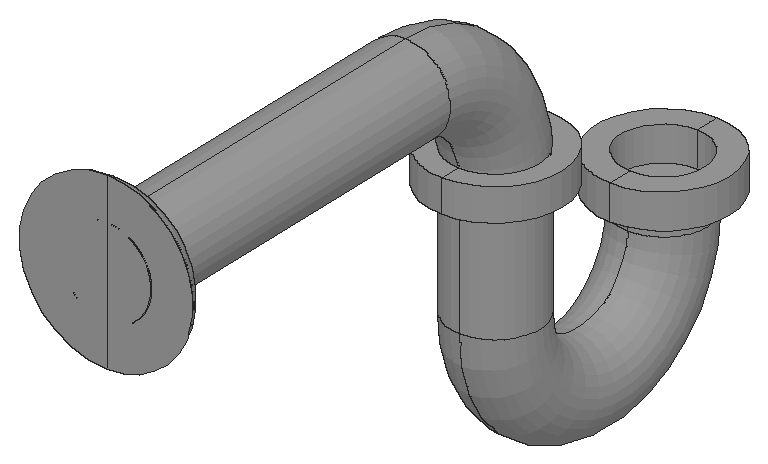
Revit family "935080001_Sifon en P", category Plumbing Fixtures, host Wall, Revit 2020
Family settings
  Host = Wall
  Round Connector Dimension = Use Diameter
  Part Type = Normal
  OmniClass Number = 23.27.43.00
  OmniClass Title = Pipe Fittings
  Always vertical = Yes
  Cut with Voids When Loaded = No
  Shared = No
  Room Calculation Point = No
Parameters (values of type "Type 1")
  Ventajas = "Elaborado en resina de alta ingeniería. Fácil instalación, limpieza y mantenimiento. Cuerpo plástico Elaborado en resina de alta ingeniería,\r\nsoporta altas presiones y temperatura elevadas."  # constant formula
  Uso = "Residencial"  # constant formula
  URL = "https://corona.co/productos/plomeria/sifon-metalico-clasico/p/719515551"
  Type Comments = ""
  Resistencia = "Resistente a la corrosión\r\npelado y decoloración por agua."  # constant formula
  Referencia = "935080001"  # constant formula
  Profundidad = 270 mm
  Material = Corona_Plastico_Gris
  Garantía = "30 años"  # constant formula
  Fecha de creación = "7/04/2020"  # constant formula
  Fabricante = "Grival"  # constant formula
  Description = "Para uso en lavamanos o lavaplatos. Trampa que retiene olores y residuos."  # constant formula
  Default Elevation = 0 mm
  Creado por = "BIMBAU"  # constant formula
  Ancho = 62.492 mm
  Alto = 170.289 mm
Reference planes
  plane 1: y = 0
  plane 2 "Center (Left/Right)": x = 125
  plane 3 "Back": y = 25
  plane 4: y = 295
  plane 5: x = 93.754
  plane 6: x = 156.246
  plane 7: z = 450
  plane 8: z = 479.75
  plane 9: z = 309.461
Forms (mm)
  Sweep 1, solid, material "Corona_Plastico_Gris" <- "Material", detail levels medium+fine
    path origin (125, 0, 0) x (0, 1, 0) y (0, 0, 1)
      loop
        line (25, 450) -> (158.438, 450)
        arc (158.438, 450) -> (186.722, 438.284) -> (198.438, 410) r 40
        line (198.438, 410) -> (198.438, 361.076)
        arc (198.438, 361.076) -> (235.938, 323.576) -> (273.438, 361.076) r 37.5
        line (273.438, 361.076) -> (273.438, 367.395)
    profile origin (125, 91.719, 450) x (0, 0, 1) y (1, 0, 0)
      loop
        circle (0, 0) r 16
  Revolve 2, solid, material "Corona_Plastico_Gris" <- "Material", detail levels medium+fine
    sketch origin (125, 0, 0) x (0, 1, 0) y (0, 0, 1)
      loop
        line (273.438, 379.776) -> (249.635, 379.776) -> (249.635, 367.395) -> (273.438, 367.395) -> (273.438, 379.776)
      axis (273.438, 367.395) -> (273.438, 379.776)
    angle from 0 to 360
  Revolve 3, solid, material "Corona_Plastico_Gris" <- "Material", detail levels medium+fine
    sketch origin (125, 0, 0) x (0, 1, 0) y (0, 0, 1)
      loop
        line (198.581, 414.417) -> (174.634, 414.417) -> (174.634, 402.837) -> (198.581, 402.837) -> (198.581, 414.417)
      axis (198.581, 414.417) -> (198.581, 402.837)
    angle from 0 to 360
  Revolve 4, solid, material "Corona_Plastico_Gris" <- "Material", detail levels medium+fine
    sketch origin (125, 0, 0) x (0, 1, 0) y (0, 0, 1)
      loop
        line (25, 450) -> (34.235, 450) -> (34.235, 469.18)
        arc (34.235, 469.18) -> (31.227, 476.347) -> (25, 481) r 14.794
        line (25, 481) -> (25, 450)
      axis (25, 450) -> (34.235, 450)
    angle from 0 to 360
  Extrusion 5, solid, material "Corona_Plastico_Gris" <- "Material", detail levels coarse
    sketch origin (0, 0, 0) x (1, 0, 0) y (0, 1, 0)
      loop
        line (93.754, 295) -> (93.754, 25) -> (156, 25) -> (156, 295) -> (93.754, 295)
    from 305.016 to 481.579
  Extrusion 6, void
    sketch origin (0, 0, 0) x (1, 0, 0) y (0, 1, 0)
      loop
        circle (125, 273.438) r 15
    from 357.514 to 379.776
Cuts and joins
  Extrusion 6 cuts Revolve 2
Text (mm)
  text "Placement side" at (-1787.139, 592.35, 0), in view "Ref. Level"
  text "Placement side" at (0, 1827.695, 2917.686), in view "Left"
  text "Placement side" at (0, 562.268, 3853.606), in view "Right"
Dimensions and locks
  locked: plane 3 "Back" to host wall
  plane 3 "Back" to plane 4 = 270 mm
  equal spacing: plane 5, plane 2 "Center (Left/Right)", plane 6
  "Ancho": plane 5 to plane 6
  plane 7 to level = 450 mm
  "Alto": plane 9 to plane 8
  plane 5 to plane 6 = 62.492 mm
  "Profundidad": plane 3 "Back" to plane 4
  plane 9 to plane 8 = 170.289 mm
  aligned and locked: plane 1 to host wall
  aligned and locked: nested 1 to plane 3 "Back"
Automatic sketch dimensions
  Sweep 1 sketch curve to plane 3 "Back" = 0 mm
  Sweep 1 sketch curve to plane 7 = 0 mm
  Sweep 1 sketch curve to Sweep 1 sketch curve = 133.437 mm
  Sweep 1 sketch curve to Sweep 1 sketch curve = 40 mm
  Sweep 1 sketch curve to Sweep 1 sketch curve = 37.5 mm
  Sweep 1 sketch curve to Sweep 1 sketch curve = 48.924 mm
  Sweep 1 sketch curve to Sweep 1 sketch curve = 6.319 mm
  Sweep 1 sketch curve to plane 2 "Center (Left/Right)" = 0 mm
  Sweep 1 sketch curve to profile plane = 0 mm
  Revolve 2 sketch curve to plane 4 = 45.365 mm
  Revolve 2 sketch curve to plane 7 = 82.605 mm
  Revolve 2 sketch curve to Revolve 2 sketch curve = 12.381 mm
  Revolve 2 sketch curve to plane 4 = 21.562 mm
  Revolve 2 sketch curve to Revolve 2 sketch curve = 0 mm  (x2)
  Revolve 2 sketch curve to Revolve 2 sketch curve = 2.619 mm
  Revolve 3 sketch curve to plane 7 = 47.163 mm
  Revolve 3 sketch curve to plane 4 = 120.366 mm
  Revolve 3 sketch curve to Revolve 3 sketch curve = 11.581 mm
  Revolve 3 sketch curve to Revolve 3 sketch curve = 23.947 mm
  Revolve 3 sketch curve to Revolve 3 sketch curve = 0 mm
  Revolve 3 sketch curve to Revolve 3 sketch curve = 10.043 mm
  Revolve 3 sketch curve to Revolve 3 sketch curve = 1.688 mm
  Revolve 4 sketch curve to host wall = 0 mm  (x2)
  Revolve 4 sketch curve to plane 7 = 0 mm  (x2)
  Revolve 4 sketch curve to host wall = 5.431 mm
  host wall to Revolve 4 sketch curve = 9.235 mm
  plane 7 to Revolve 4 sketch curve = 17.239 mm
  Revolve 4 sketch curve to Revolve 4 sketch curve = 1.941 mm
  Revolve 4 sketch curve to Revolve 4 sketch curve = 3.13 mm
  Extrusion 5 sketch curve to host wall = 0 mm
  Extrusion 5 sketch curve to plane 5 = 0 mm
  Extrusion 5 sketch curve to plane 4 = 0 mm
  plane 6 to Extrusion 5 sketch curve = 0.246 mm
  Extrusion 6 sketch curve to Extrusion 6 sketch curve = 0 mm  (x2)
  Extrusion 6 sketch curve to plane 2 "Center (Left/Right)" = 0 mm
  Extrusion 6 sketch curve to plane 4 = 21.562 mm
  Extrusion 6 sketch curve to Extrusion 6 sketch curve = 15 mm
  radius of Sweep 1 sketch curve = 16 mm
Nested families
  nested 1: "Lateral" at (125, 25, 309.294) x (0, -1, 0) z (1, 0, 0), type "Lateral"
  nested 2: "Frontal" at (125, 25, 310) x (1, 0, 0) z (0, -1, 0), type "Frontal"
Connectors
  piping at (125, 25, 450), diameter 50
    settings: on Sweep 1, index 1, connector inside diameter 609.6 mm, connector length 0 mm, flow factor 0, pipe flow 0.0 L/s, pressure drop 0.0 Pa, fitting loss kfactor 0, connector angle 0.00°, fixture units 0, engagement length 0 mm, angle of deflection 0.00°, flow configuration 0, flow direction 0, fitting loss method 0, system type 16, joint type 0, gender type 0, connector reference index -1, connector utility 0, adjustable connector no, is connector primary yes, connector description ""
  piping at (125, 273.438, 379.776), diameter 32
    settings: on cut or joined group of Revolve 2, Extrusion 6, index 2, connector inside diameter 609.6 mm, connector length 0 mm, flow factor 0, pipe flow 0.0 L/s, pressure drop 0.0 Pa, fitting loss kfactor 0, connector angle 0.00°, fixture units 0, engagement length 0 mm, angle of deflection 0.00°, flow configuration 0, flow direction 0, fitting loss method 0, system type 7, joint type 0, gender type 0, connector reference index -1, connector utility 0, adjustable connector no, is connector primary no, connector description ""
Definition of nested family "Lateral"
  Reference planes
    plane 1 "Center (Front/Back)": y = 0
    plane 2: z = 0
    plane 3 "Center (Left/Right)": x = 0
    plane 4: x = -270
    plane 5: y = 170
  Lines and regions (mm)
    Masking region 1, in view "Ref. Level"
      outline origin (0, 0, 0) x (1, 0, 0) y (0, 1, 0)
        loop
          line (-270, 71.208) -> (-270, 58.542) -> (-231.668, 58.542) -> (-225.791, 58.542) -> (-225.791, 71.208) -> (-270, 71.208)
    Masking region 2, in view "Ref. Level"
      outline origin (0, 0, 0) x (1, 0, 0) y (0, 1, 0)
        loop
          arc (-189.359, 50.439) -> (-210.513, 29.285) -> (-231.668, 50.439) r 21.154
          line (-231.668, 50.439) -> (-231.668, 58.542) -> (-263.988, 58.542) -> (-263.988, 50.439)
          arc (-263.988, 50.439) -> (-208.864, 0.84) -> (-157.359, 54.187) r 53.38
          line (-157.359, 54.187) -> (-157.359, 94.412) -> (-189.359, 94.412) -> (-189.359, 50.439)
    Masking region 3, in view "Ref. Level"
      outline origin (0, 0, 0) x (1, 0, 0) y (0, 1, 0)
        loop
          line (-157.359, 105.439) -> (-195.631, 105.439) -> (-195.631, 94.412) -> (-149.287, 94.412) -> (-149.287, 105.439) -> (-157.359, 105.439)
    Masking region 4, in view "Ref. Level"
      outline origin (0, 0, 0) x (1, 0, 0) y (0, 1, 0)
        loop
          line (-8.092, 124.706) -> (-8.092, 156.706) -> (-138.092, 156.706)
          arc (-138.092, 156.706) -> (-174.343, 141.691) -> (-189.359, 105.439) r 51.267
          line (-189.359, 105.439) -> (-157.359, 105.439)
          arc (-157.359, 105.439) -> (-151.716, 119.063) -> (-138.092, 124.706) r 19.267
          line (-138.092, 124.706) -> (-8.092, 124.706)
    Masking region 5, in view "Ref. Level"
      outline origin (0, 0, 0) x (1, 0, 0) y (0, 1, 0)
        loop
          arc (0, 169.166) -> (-5.11, 163.628) -> (-8.092, 156.706) r 22.368
          line (-8.092, 156.706) -> (-8.092, 124.706)
          arc (-8.092, 124.706) -> (-5.11, 117.785) -> (0, 112.246) r 22.368
          line (0, 112.246) -> (0, 169.166)
  Dimensions and locks
    plane 1 "Center (Front/Back)" to plane 5 = 170 mm
    plane 4 to plane 3 "Center (Left/Right)" = 270 mm
Definition of nested family "Frontal"
  Reference planes
    plane 1 "Center (Front/Back)": y = 0
    plane 2: z = 0
    plane 3 "Center (Left/Right)": x = 0
    plane 4: y = 170
    plane 5: x = -30.937
    plane 6: x = 30.937
  Lines and regions (mm)
    Masking region 1, in view "Ref. Level"
      outline origin (0, 0, 0) x (1, 0, 0) y (0, 1, 0)
        loop
          line (16, 58.775) -> (-16, 58.775) -> (-16, 16.201)
          arc (-16, 16.201) -> (0, 0.201) -> (16, 16.201) r 16
          line (16, 16.201) -> (16, 58.775)
    Masking region 2, in view "Ref. Level"
      outline origin (0, 0, 0) x (1, 0, 0) y (0, 1, 0)
        loop
          line (22.629, 58.775) -> (22.629, 68.775) -> (-22.371, 68.775) -> (-22.371, 58.775) -> (-16, 58.775) -> (22.629, 58.775)
    Masking region 3, in view "Ref. Level"
      outline origin (0, 0, 0) x (1, 0, 0) y (0, 1, 0)
        loop
          line (-16, 93.929) -> (-16, 68.775) -> (16, 68.775) -> (16, 93.929) -> (-16, 93.929)
    Masking region 4, in view "Ref. Level"
      outline origin (0, 0, 0) x (1, 0, 0) y (0, 1, 0)
        loop
          line (-16, 104.894) -> (-22.371, 104.894) -> (-22.371, 93.929) -> (23.662, 93.929) -> (23.662, 104.894) -> (-16, 104.894)
    Masking region 5, in view "Ref. Level"
      outline origin (0, 0, 0) x (1, 0, 0) y (0, 1, 0)
        loop
          arc (16, 139.951) -> (0, 155.951) -> (-16, 139.951) r 16
          line (-16, 139.951) -> (-16, 104.894) -> (16, 104.894) -> (16, 139.951)
    Masking region 6, in view "Ref. Level"
      outline origin (0, 0, 0) x (1, 0, 0) y (0, 1, 0)
        loop
          arc (16, 139.951) -> (0, 155.951) -> (-16, 139.951) r 16
          line (-16, 139.951) -> (-16, 127.951)
          arc (-16, 127.951) -> (0, 159.951) -> (16, 127.951) r 20
          line (16, 127.951) -> (16, 139.951)
    Masking region 7, in view "Ref. Level"
      outline origin (0, 0, 0) x (1, 0, 0) y (0, 1, 0)
        loop
          line (16, 120.741) -> (16, 127.951)
          arc (16, 127.951) -> (0, 159.951) -> (-16, 127.951) r 20
          line (-16, 127.951) -> (-16, 120.741)
          arc (-16, 120.741) -> (0, 164.951) -> (16, 120.741) r 25
    Masking region 8, in view "Ref. Level"
      outline origin (0, 0, 0) x (1, 0, 0) y (0, 1, 0)
        loop
          line (16, 114.515) -> (16, 120.741)
          arc (16, 120.741) -> (0, 164.951) -> (-16, 120.741) r 25
          line (-16, 120.741) -> (-16, 114.515)
          arc (-16, 114.515) -> (0, 170) -> (16, 114.515) r 30.049
